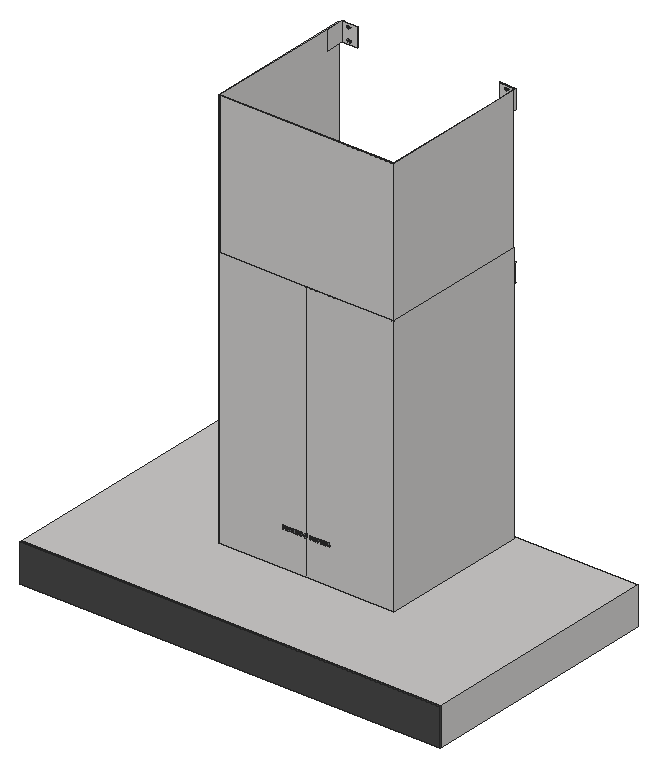
Revit family "FP-en-Revit19-HC90BCX2-Rangehood-0-90003186A-CN", category Specialty Equipment, Revit 2019
Family settings
  Round Connector Dimension = Use Diameter
  Part Type = Normal
  OmniClass Number = 23.40.40.00
  OmniClass Title = Food Service Equipment and Furnishings
  Work Plane-Based = No
  Always vertical = Yes
  Cut with Voids When Loaded = Yes
  Shared = No
  Room Calculation Point = No
Parameters
  Visibility - Upper Chimney Extension [instance] = yes
  URL = "www.fisherpaykel.com"
  Product - Width = 895 mm  # constant formula
  Product - Height (620mm - 935mm) [instance] = 935 mm
  Product - Depth = 531 mm  # constant formula
  Model = "HC90BCX2"
  Material - Glass = Fisher & Paykel - Black
  Material - Body = Fisher & Paykel - Stainless Steel
  Manufacturer = "Fisher & Paykel Appliances"
  FFL Offset [instance] = 1565 mm
  Description = "90cm Rangehood"
  Connector Description - Extraction = "180mm Semi Rigid Rangehood Ducting, 650Pa"
  Connector Description - Electrical = "220 V, 50 Hz,  222 W"
  Chassis - Width = 375 mm  # constant formula
  Chassis - Height = 635 mm  # constant formula
  Chassis - Depth = 327 mm  # constant formula
Reference planes
  plane 1 "Datum": y = 0
  plane 2: z = 0
  plane 3 "Center (Left/Right)": x = 0
  plane 4 "Product LHS": x = -447.5
  plane 5 "Product RHS": x = 447.5
  plane 6 "Cavity LHS": x = -187.5
  plane 7 "Cavity RHS": x = 187.5
  plane 8 "Chassis - Depth": y = -327
  plane 9 "FFL Offset": z = 1565
  plane 10 "Product - Height": z = 2500
  plane 11 "Product - Depth": y = -531
  plane 12 "Angle": through (4267.2, -188.091, 1674.974) normal (0, 0.9962, -0.0872)
  plane 13 "Angle": through (4267.2, -188.091, 907.974) normal (0, 0.9962, -0.0872)
  plane 14 "Chassis - Height": z = 2200
Forms (mm)
  Extrusion 1, solid, material "Fisher & Paykel - Stainless Steel" <- "Material - Body"
    sketch origin (0, 0, 0) x (1, 0, 0) y (0, 1, 0)
      loop
        line (-167.5, -8) -> (-187.5, -8) -> (-187.5, -327) -> (0, -327) -> (187.5, -327) -> (187.5, -8) -> (167.5, -8) -> (167.5, -9) -> (186.5, -9) -> (186.5, -326) -> (-186.5, -326) -> (-186.5, -9) -> (-167.5, -9) -> (-167.5, -8)
    from 1645 to 2200
  Extrusion 2, solid, material "Fisher & Paykel - Stainless Steel" <- "Material - Body", visible <- "Visibility - Upper Chimney Extension"
    sketch origin (0, 0, 0) x (1, 0, 0) y (0, 1, 0)
      loop
        line (-185.5, -9) -> (-186.5, -9) -> (-186.5, -326) -> (186.5, -326) -> (186.5, -9) -> (185.5, -9) -> (185.5, -325.044) -> (-185.5, -325.044) -> (-185.5, -9)
    from 2141 to 2500
  Extrusion 3, solid, material "Fisher & Paykel - Stainless Steel" <- "Material - Body"
    sketch origin (0, 0, 0) x (1, 0, 0) y (0, 1, 0)
      loop
        line (185.5, -9) -> (-185.5, -9) -> (-185.5, -325.044) -> (185.5, -325.044) -> (185.5, -9)
    from 1645 to 2118
  Extrusion 4, solid, material "Fisher & Paykel - Stainless Steel" <- "Material - Body", detail levels medium+fine
    sketch origin (0, 0, 0) x (1, 0, 0) y (0, 1, 0)
      loop
        circle (-76.5, -135.5) r 92
      loop
        circle (-76.5, -135.5) r 90.782
    from 2174 to 2200
  Extrusion 5, solid, material "Fisher & Paykel - Stainless Steel" <- "Material - Body", detail levels medium+fine
    sketch origin (0, 0, 0) x (1, 0, 0) y (0, 0, 1)
      loop
        line (-185.5, 2500) -> (-185.5, 2460) -> (-150.9, 2460) -> (-150.9, 2500) -> (-185.5, 2500)
      loop
        arc (-170.646, 2495.75) -> (-173.396, 2493) -> (-170.646, 2490.25) r 2.75
        line (-170.646, 2490.25) -> (-166.162, 2490.25)
        arc (-166.162, 2490.25) -> (-163.412, 2493) -> (-166.162, 2495.75) r 2.75
        line (-166.162, 2495.75) -> (-170.646, 2495.75)
      loop
        arc (-170.646, 2469.75) -> (-173.396, 2467) -> (-170.646, 2464.25) r 2.75
        line (-170.646, 2464.25) -> (-166.162, 2464.25)
        arc (-166.162, 2464.25) -> (-163.412, 2467) -> (-166.162, 2469.75) r 2.75
        line (-166.162, 2469.75) -> (-170.646, 2469.75)
      loop
        line (185.5, 2500) -> (150.9, 2500) -> (150.9, 2460) -> (185.5, 2460) -> (185.5, 2500)
      loop
        line (170.646, 2495.75) -> (166.162, 2495.75)
        arc (166.162, 2495.75) -> (163.412, 2493) -> (166.162, 2490.25) r 2.75
        line (166.162, 2490.25) -> (170.646, 2490.25)
        arc (170.646, 2490.25) -> (173.396, 2493) -> (170.646, 2495.75) r 2.75
      loop
        line (170.646, 2469.75) -> (166.162, 2469.75)
        arc (166.162, 2469.75) -> (163.412, 2467) -> (166.162, 2464.25) r 2.75
        line (166.162, 2464.25) -> (170.646, 2464.25)
        arc (170.646, 2464.25) -> (173.396, 2467) -> (170.646, 2469.75) r 2.75
    from 1 to 0
  Extrusion 6, solid, material "Fisher & Paykel - Stainless Steel" <- "Material - Body"
    sketch origin (0, 0, 0) x (1, 0, 0) y (0, 1, 0)
      loop
        circle (8.657, -222.264) r 3
    from 2174 to 2200
  Extrusion 7, void
    sketch origin (0, 0, 0) x (0, 1, 0) y (0, 0, 1)
      loop
        line (-348.926, 1618.465) -> (-467.5, 1573) -> (-20.5, 1573) -> (-38.279, 1591.287) -> (-348.926, 1618.465)
    from -413 to 413
  Extrusion 8, solid, material "Fisher & Paykel - Stainless Steel" <- "Material - Body"
    sketch origin (0, 0, 0) x (0, 1, 0) y (0, 0, 1)
      loop
        line (-3, 1565) -> (-3, 1645) -> (-527, 1645) -> (-527, 1565) -> (-3, 1565)
    from -447.5 to 447.5
  Extrusion 9, solid, material "Fisher & Paykel - Black" <- "Material - Glass", detail levels medium+fine
    sketch origin (0, 0, 567) x (0, 1, 0) y (0, 0, 1)
      loop
        line (-527, 1078) -> (-531, 1078) -> (-531, 998) -> (-527, 998) -> (-527, 1078)
    from -447.5 to 447.5
  Extrusion 10, solid, material "Fisher & Paykel - Stainless Steel" <- "Material - Body", detail levels fine
    sketch origin (0, 0, 567) x (0, 1, 0) y (0, 0, 1)
      loop
        line (-46.99, 1023.976) -> (-71.928, 1026.158) -> (-71.928, 1014.855) -> (-48.3, 975) -> (-5, 975) -> (-5, 996) -> (-21.8, 996) -> (-46.99, 1023.976)
    from -206 to 206
  Extrusion 11, void
    sketch origin (0, 0, 0) x (1, 0, 0) y (0, 1, 0)
      loop
        arc (-381.3, -20.5) -> (-402.513, -29.287) -> (-411.3, -50.5) r 30
        line (-411.3, -50.5) -> (-411.3, -437.5)
        arc (-411.3, -437.5) -> (-402.513, -458.713) -> (-381.3, -467.5) r 30
        line (-381.3, -467.5) -> (382.3, -467.5)
        arc (382.3, -467.5) -> (402.806, -459.006) -> (411.3, -438.5) r 29
        line (411.3, -438.5) -> (411.3, -50.5)
        arc (411.3, -50.5) -> (402.513, -29.287) -> (381.3, -20.5) r 30
        line (381.3, -20.5) -> (-381.3, -20.5)
    from 1565 to 1573
  Extrusion 12, void
    sketch origin (0, 0, 0) x (0, 1, 0) y (0, 0, 1)
      loop
        line (-316.067, 1615.59) -> (-67.749, 1593.865) -> (-188.091, 1672.974) -> (-316.067, 1615.59)
    from -172 to 172
  Extrusion 13, solid, material "Fisher & Paykel - Stainless Steel" <- "Material - Body", detail levels medium+fine
    sketch origin (0, 0, 2) x (1, 0, 0) y (0, 0, 1)
      loop
        circle (400, 1608.777) r 9.985
      loop
        circle (400, 1608.777) r 4.003
      loop
        circle (-400, 1608.777) r 9.985
      loop
        circle (-400, 1608.777) r 4.003
    from 0 to 3
  Extrusion 14, solid, material "Fisher & Paykel - Stainless Steel" <- "Material - Body", detail levels medium+fine
    sketch origin (0, 0, 0) x (1, 0, 0) y (0, 0, 1)
      loop
        circle (-112, 2150) r 5.949
      loop
        circle (-112, 2150) r 2.5
      loop
        circle (-162, 2150) r 5.949
      loop
        circle (-162, 2150) r 2.5
      loop
        circle (112, 2150) r 5.949
      loop
        circle (112, 2150) r 2.5
      loop
        circle (162, 2150) r 5.949
      loop
        circle (162, 2150) r 2.5
    from 0 to 3.8
  Extrusion 15, solid, material "Fisher & Paykel - Bezel White", detail levels fine
    sketch origin (0, 0, 567) x (0, 1, 0) y (0, 0, 1)
      loop
        line (-365.916, 1045.974) -> (-420.089, 1025.202) -> (-419.471, 1023.59) -> (-365.298, 1044.362) -> (-365.916, 1045.974)
    from -110 to 110
  Extrusion 16, solid, material "Fisher & Paykel - Stainless Steel" <- "Material - Body", detail levels fine
    sketch origin (0, -282.861, 591.747) x (0, 0.087156, 0.996195) y (1, 0, 0)
      loop
        line (1087.364, 172) -> (1017.053, 172) -> (1087.364, 113.002) -> (1087.364, 172)
      loop
        line (1087.364, -172) -> (1087.364, -113.002) -> (1017.053, -172) -> (1087.364, -172)
    from -125 to 125
  Extrusion 17, solid, material "Fisher & Paykel - Black" <- "Material - Glass", not visible, detail levels medium+fine
    sketch origin (0, 0, -200) x (0, 1, 0) y (0, 0, 1)
      loop
        line (-527, 1078) -> (-531, 1078) -> (-531, 998) -> (-527, 998) -> (-527, 1078)
    from -447.5 to 447.5
  Extrusion 18, solid, material "Fisher & Paykel - Stainless Steel" <- "Material - Body", not visible, detail levels fine
    sketch origin (0, 0, -200) x (0, 1, 0) y (0, 0, 1)
      loop
        line (-46.99, 1023.976) -> (-71.928, 1026.158) -> (-71.928, 1014.855) -> (-48.3, 975) -> (-5, 975) -> (-5, 996) -> (-21.8, 996) -> (-46.99, 1023.976)
    from -206 to 206
  Extrusion 19, solid, material "Fisher & Paykel - Stainless Steel" <- "Material - Body", not visible, detail levels medium+fine
    sketch origin (0, 0, -765) x (1, 0, 0) y (0, 0, 1)
      loop
        circle (400, 1608.777) r 9.985
      loop
        circle (400, 1608.777) r 4.003
      loop
        circle (-400, 1608.777) r 9.985
      loop
        circle (-400, 1608.777) r 4.003
    from 0 to 3
  Extrusion 20, solid, material "Fisher & Paykel - Bezel White", not visible, detail levels fine
    sketch origin (0, 0, -200) x (0, 1, 0) y (0, 0, 1)
      loop
        line (-365.916, 1045.974) -> (-420.089, 1025.202) -> (-419.471, 1023.59) -> (-365.298, 1044.362) -> (-365.916, 1045.974)
    from -110 to 110
  Extrusion 21, solid, material "Fisher & Paykel - Stainless Steel" <- "Material - Body", not visible, detail levels fine
    sketch origin (0, -282.861, -175.253) x (0, 0.087156, 0.996195) y (1, 0, 0)
      loop
        line (1087.364, 172) -> (1017.053, 172) -> (1087.364, 113.002) -> (1087.364, 172)
      loop
        line (1087.364, -172) -> (1087.364, -113.002) -> (1017.053, -172) -> (1087.364, -172)
    from -125 to 125
  Extrusion 22, solid, material "Fisher & Paykel - Stainless Steel" <- "Material - Body", detail levels fine
    sketch origin (0, 0, 0) x (1, 0, 0) y (0, 1, 0)
      loop
        line (174, -29) -> (26, -29) -> (26, -302) -> (174, -302) -> (174, -29)
    from 2118 to 2180
  Extrusion 23, solid, material "Fisher & Paykel - Stainless Steel" <- "Material - Body", detail levels fine
    sketch origin (0, 0, 0) x (1, 0, 0) y (0, 1, 0)
      loop
        line (-170.5, -32) -> (-170.5, -239) -> (17.5, -239) -> (17.5, -32) -> (-170.5, -32)
    from 2118 to 2174
  Extrusion 24, solid, material "Fisher & Paykel - Stainless Steel" <- "Material - Body", detail levels medium+fine
    sketch origin (0, 0, 0) x (1, 0, 0) y (0, 1, 0)
      loop
        line (-185.5, -40) -> (-184.5, -40) -> (-184.5, -1) -> (-185.5, -1) -> (-185.5, -40)
      loop
        line (185.5, -40) -> (185.5, -1) -> (184.5, -1) -> (184.5, -40) -> (185.5, -40)
    from 2460 to 2500
  Extrusion 25, solid, material "Fisher & Paykel - Stainless Steel" <- "Material - Body", detail levels medium+fine
    sketch origin (0, 0, 0) x (0, 1, 0) y (0, 0, 1)
      loop
        line (-0.869, 2168.577) -> (-1.908, 2169.177) -> (-5, 2163.5) -> (-5, 2134.5) -> (-1.899, 2128.806) -> (-0.859, 2129.406) -> (-3.8, 2134.5) -> (-3.8, 2163.5) -> (-0.869, 2168.577)
    from -185 to 185
Cuts and joins
  Extrusion 7 cuts Extrusion 1
  Extrusion 7, Extrusion 12 cuts Extrusion 3
  Extrusion 7, Extrusion 11, Extrusion 12 cuts Extrusion 8
  joined: Extrusion 3, Extrusion 8
  joined: Extrusion 5, Extrusion 24
Text (mm)
  text "Due to ongoing product development, product details are subject to change without notice. \nPlease always refer to www.fisherpaykel.com for the most current product information. \n© Fisher & Paykel 2020" at (41.04, -1225.549, 0), in view "Ref. Level (Plan)"
Dimensions and locks
  equal spacing: plane 4 "Product LHS", plane 3 "Center (Left/Right)", plane 5 "Product RHS"
  equal spacing: plane 6 "Cavity LHS", plane 3 "Center (Left/Right)", plane 7 "Cavity RHS"
  locked: Extrusion 1 sketch curve to Extrusion 1 sketch curve at 1  (x3)
  locked: Extrusion 3 to plane 9 "FFL Offset" at 553
  "Product - Height (620mm - 935mm)": plane 10 "Product - Height" to plane 9 "FFL Offset"
  "FFL Offset": plane 9 "FFL Offset" to level
  "Product - Width": plane 4 "Product LHS" to plane 5 "Product RHS"
  "Chassis - Depth": plane 8 "Chassis - Depth" to plane 1 "Datum"
  "Chassis - Width": plane 6 "Cavity LHS" to plane 7 "Cavity RHS"
  equal spacing: Extrusion 11 sketch curve, plane 3 "Center (Left/Right)", Extrusion 11 sketch curve
  locked: Extrusion 11 sketch curve to Extrusion 11 sketch curve at 822.6
  equal spacing: cut or joined group of Extrusion 3, Extrusion 7, Extrusion 8, Extrusion 11, Extrusion 12, plane 3 "Center (Left/Right)", cut or joined group of Extrusion 3, Extrusion 7, Extrusion 8, Extrusion 11, Extrusion 12
  locked: cut or joined group of Extrusion 3, Extrusion 7, Extrusion 8, Extrusion 11, Extrusion 12 to cut or joined group of Extrusion 3, Extrusion 7, Extrusion 8, Extrusion 11, Extrusion 12 at 826
  "Product - Depth": plane 11 "Product - Depth" to plane 1 "Datum"
  locked: Extrusion 2 to plane 10 "Product - Height" at 359
  locked: cut or joined group of Extrusion 3, Extrusion 7, Extrusion 8, Extrusion 11, Extrusion 12 to plane 1 "Datum" at 3
  locked: Extrusion 5 to plane 10 "Product - Height" at 40
  plane 9 "FFL Offset" to Extrusion 13 = 45.777 mm
  locked: Extrusion 7 sketch curve to plane 1 "Datum" at 20.5
  locked: Extrusion 7 sketch curve to plane 1 "Datum" at 38.279
  locked: Extrusion 7 sketch curve to plane 1 "Datum" at 348.926
  locked: Extrusion 7 sketch curve to plane 1 "Datum" at 467.5
  locked: Extrusion 7 sketch curve to plane 9 "FFL Offset" at 8  (x2)
  locked: Extrusion 7 sketch curve to plane 9 "FFL Offset" at 53.465
  locked: Extrusion 7 sketch curve to plane 9 "FFL Offset" at 26.287
  locked: Extrusion 12 sketch curve to plane 9 "FFL Offset" at 50.59
  locked: Extrusion 12 sketch curve to plane 9 "FFL Offset" at 28.865
  locked: Extrusion 12 sketch curve to plane 9 "FFL Offset" at 107.974
  locked: Extrusion 12 sketch curve to plane 1 "Datum" at 67.749
  locked: Extrusion 12 sketch curve to plane 1 "Datum" at 316.067
  locked: cut or joined group of Extrusion 3, Extrusion 7, Extrusion 8, Extrusion 11, Extrusion 12 to plane 9 "FFL Offset" at 80
  equal spacing: Extrusion 16, plane 12 "Angle", Extrusion 16
  locked: Extrusion 16 to Extrusion 16 at 250
  Extrusion 16 to cut or joined group of Extrusion 3, Extrusion 7, Extrusion 8, Extrusion 11, Extrusion 12 = 70.311 mm
  Extrusion 16 to plane 9 "FFL Offset" = 120.868 mm
  Extrusion 16 to plane 9 "FFL Offset" = 99.079 mm
  locked: nested 1 to plane 9 "FFL Offset" at 156.109
  plane 9 "FFL Offset" to Extrusion 10 = 23 mm
  "Chassis - Height": plane 14 "Chassis - Height" to plane 9 "FFL Offset"
  locked: plane 14 "Chassis - Height" to Extrusion 22 at 20
  locked: plane 14 "Chassis - Height" to Extrusion 23 at 26
  aligned and locked: level to plane 2
  aligned and locked: Extrusion 1 sketch curve to plane 6 "Cavity LHS"
  aligned and locked: plane 7 "Cavity RHS" to Extrusion 1 sketch curve
  aligned and locked: plane 8 "Chassis - Depth" to Extrusion 1 sketch curve
  aligned and locked: plane 4 "Product LHS" to Extrusion 8
  aligned and locked: Extrusion 8 to plane 5 "Product RHS"
  aligned and locked: plane 4 "Product LHS" to Extrusion 9
  aligned and locked: Extrusion 9 to plane 5 "Product RHS"
  aligned and locked: Extrusion 2 to plane 10 "Product - Height"
  aligned and locked: Extrusion 6 to Extrusion 4
  aligned and locked: Extrusion 11 to plane 9 "FFL Offset"
  aligned and locked: Extrusion 5 to plane 1 "Datum"
  aligned and locked: cut or joined group of Extrusion 1, Extrusion 7 to cut or joined group of Extrusion 1, Extrusion 7
  aligned and locked: Extrusion 13 to plane 1 "Datum"
  aligned and locked: Extrusion 13 to cut or joined group of Extrusion 3, Extrusion 7, Extrusion 8, Extrusion 11, Extrusion 12
  aligned and locked: Extrusion 14 to plane 1 "Datum"
  aligned and locked: Extrusion 5 to plane 10 "Product - Height"
  aligned and locked: cut or joined group of Extrusion 3, Extrusion 7, Extrusion 8, Extrusion 11, Extrusion 12 to Extrusion 2  (x3)
  aligned and locked: cut or joined group of Extrusion 3, Extrusion 7, Extrusion 8, Extrusion 11, Extrusion 12 to cut or joined group of Extrusion 1, Extrusion 7
  aligned and locked: cut or joined group of Extrusion 1, Extrusion 7 to Extrusion 4
  aligned and locked: Extrusion 7 to cut or joined group of Extrusion 3, Extrusion 7, Extrusion 8, Extrusion 11, Extrusion 12
  aligned and locked: Extrusion 11 to Extrusion 7
  aligned and locked: Extrusion 8 to Extrusion 11
  aligned and locked: cut or joined group of Extrusion 1, Extrusion 7 to Extrusion 9
  aligned and locked: plane 14 "Chassis - Height" to cut or joined group of Extrusion 1, Extrusion 7
  aligned and locked: Extrusion 9 to plane 9 "FFL Offset"
  aligned and locked: cut or joined group of Extrusion 3, Extrusion 7, Extrusion 8, Extrusion 11, Extrusion 12 to Extrusion 9
  aligned and locked: Extrusion 16 to cut or joined group of Extrusion 3, Extrusion 7, Extrusion 8, Extrusion 11, Extrusion 12
  aligned and locked: cut or joined group of Extrusion 3, Extrusion 7, Extrusion 8, Extrusion 11, Extrusion 12 to cut or joined group of Extrusion 3, Extrusion 7, Extrusion 8, Extrusion 11, Extrusion 12
  aligned and locked: Extrusion 23 to cut or joined group of Extrusion 3, Extrusion 7, Extrusion 8, Extrusion 11, Extrusion 12
  aligned and locked: Extrusion 4 to Extrusion 23
  aligned and locked: Extrusion 6 to Extrusion 23
  aligned and locked: Extrusion 22 to cut or joined group of Extrusion 3, Extrusion 7, Extrusion 8, Extrusion 11, Extrusion 12
  aligned and locked: Extrusion 24 to Extrusion 5
  aligned and locked: Extrusion 24 to plane 10 "Product - Height"
Automatic sketch dimensions
  Extrusion 2 sketch curve to plane 6 "Cavity LHS" = 1 mm
  Extrusion 2 sketch curve to Extrusion 2 sketch curve = 1 mm
  plane 7 "Cavity RHS" to Extrusion 2 sketch curve = 2 mm
  plane 7 "Cavity RHS" to Extrusion 2 sketch curve = 1 mm
  plane 8 "Chassis - Depth" to Extrusion 2 sketch curve = 1 mm
  Extrusion 2 sketch curve to Extrusion 2 sketch curve = 0.956 mm
  plane 1 "Datum" to Extrusion 2 sketch curve = 9 mm  (x2)
  Extrusion 3 sketch curve to plane 6 "Cavity LHS" = 2 mm
  plane 7 "Cavity RHS" to Extrusion 3 sketch curve = 2 mm
  plane 8 "Chassis - Depth" to Extrusion 3 sketch curve = 1.956 mm
  plane 1 "Datum" to Extrusion 3 sketch curve = 9 mm
  plane 3 "Center (Left/Right)" to Extrusion 6 sketch curve = 8.657 mm
  plane 8 "Chassis - Depth" to Extrusion 6 sketch curve = 104.736 mm
  Extrusion 11 sketch curve to Extrusion 11 sketch curve = 30 mm  (x3)
  plane 5 "Product RHS" to Extrusion 11 sketch curve = 65.2 mm
  plane 11 "Product - Depth" to Extrusion 11 sketch curve = 63.5 mm
  plane 1 "Datum" to Extrusion 11 sketch curve = 50.5 mm
  Extrusion 1 sketch curve to plane 3 "Center (Left/Right)" = 0 mm
  Extrusion 1 sketch curve to Extrusion 1 sketch curve = 19 mm  (x2)
  plane 1 "Datum" to Extrusion 1 sketch curve = 8 mm
  plane 1 "Datum" to Extrusion 1 sketch curve = 9 mm
  Extrusion 1 sketch curve to Extrusion 1 sketch curve = 1 mm  (x2)
  plane 9 "FFL Offset" to Extrusion 8 sketch curve = 0 mm
  plane 1 "Datum" to Extrusion 8 sketch curve = 3 mm
  plane 11 "Product - Depth" to Extrusion 8 sketch curve = 4 mm
  Extrusion 8 sketch curve to Extrusion 8 sketch curve = 80 mm
  Extrusion 9 sketch curve to Extrusion 9 sketch curve = 4 mm
  Extrusion 9 sketch curve to Extrusion 9 sketch curve = 80 mm
  Extrusion 13 sketch curve to Extrusion 13 sketch curve = 0 mm  (x9)
  Extrusion 13 sketch curve to Extrusion 13 sketch curve = 800 mm
  Extrusion 12 sketch curve to Extrusion 12 sketch curve = 120.342 mm
  Extrusion 15 sketch curve to Extrusion 15 sketch curve = 0.618 mm
  Extrusion 9 sketch curve to plane 12 "Angle" = 338.991 mm
  Extrusion 15 sketch curve to plane 12 "Angle" = 223.901 mm
  Extrusion 15 sketch curve to Extrusion 15 sketch curve = 54.173 mm
  Extrusion 15 sketch curve to Extrusion 15 sketch curve = 1.612 mm
  Extrusion 17 sketch curve to Extrusion 17 sketch curve = 4 mm
  Extrusion 17 sketch curve to Extrusion 17 sketch curve = 80 mm
  Extrusion 19 sketch curve to Extrusion 19 sketch curve = 0 mm  (x9)
  Extrusion 19 sketch curve to Extrusion 19 sketch curve = 800 mm
  Extrusion 17 sketch curve to plane 13 "Angle" = 338.991 mm
  plane 12 "Angle" to Extrusion 10 sketch curve = 122.853 mm
  Extrusion 10 sketch curve to Extrusion 10 sketch curve = 23.628 mm
  Extrusion 10 sketch curve to Extrusion 10 sketch curve = 24.938 mm
  Extrusion 10 sketch curve to Extrusion 10 sketch curve = 26.5 mm
  Extrusion 10 sketch curve to Extrusion 10 sketch curve = 16.8 mm
  Extrusion 10 sketch curve to Extrusion 10 sketch curve = 2.182 mm
  Extrusion 10 sketch curve to Extrusion 10 sketch curve = 11.303 mm
  Extrusion 10 sketch curve to Extrusion 10 sketch curve = 27.976 mm
  Extrusion 10 sketch curve to Extrusion 10 sketch curve = 21 mm
  plane 13 "Angle" to Extrusion 18 sketch curve = 122.853 mm
  Extrusion 18 sketch curve to Extrusion 18 sketch curve = 23.628 mm
  Extrusion 18 sketch curve to Extrusion 18 sketch curve = 24.938 mm
  Extrusion 18 sketch curve to Extrusion 18 sketch curve = 26.5 mm
  Extrusion 18 sketch curve to Extrusion 18 sketch curve = 16.8 mm
  Extrusion 18 sketch curve to Extrusion 18 sketch curve = 2.182 mm
  Extrusion 18 sketch curve to Extrusion 18 sketch curve = 11.303 mm
  Extrusion 18 sketch curve to Extrusion 18 sketch curve = 27.976 mm
  Extrusion 18 sketch curve to Extrusion 18 sketch curve = 21 mm
  Extrusion 16 sketch curve to Extrusion 16 sketch curve = 0 mm
  Extrusion 16 sketch curve to Extrusion 16 sketch curve = 70.311 mm  (x2)
  Extrusion 16 sketch curve to Extrusion 16 sketch curve = 58.998 mm  (x2)
  Extrusion 16 sketch curve to Extrusion 16 sketch curve = 226.004 mm
  plane 3 "Center (Left/Right)" to Extrusion 22 sketch curve = 26 mm
  plane 7 "Cavity RHS" to Extrusion 22 sketch curve = 13.5 mm
  plane 8 "Chassis - Depth" to Extrusion 22 sketch curve = 25 mm
  plane 1 "Datum" to Extrusion 22 sketch curve = 29 mm
  Extrusion 23 sketch curve to plane 6 "Cavity LHS" = 17 mm
  plane 3 "Center (Left/Right)" to Extrusion 23 sketch curve = 17.5 mm
  plane 8 "Chassis - Depth" to Extrusion 23 sketch curve = 88 mm
  plane 1 "Datum" to Extrusion 23 sketch curve = 32 mm
  Extrusion 4 sketch curve to Extrusion 4 sketch curve = 0 mm  (x2)
  Extrusion 4 sketch curve to plane 3 "Center (Left/Right)" = 76.5 mm
  plane 1 "Datum" to Extrusion 4 sketch curve = 135.5 mm
  Extrusion 5 sketch curve to plane 10 "Product - Height" = 0 mm  (x2)
  Extrusion 5 sketch curve to plane 6 "Cavity LHS" = 2 mm
  Extrusion 5 sketch curve to Extrusion 5 sketch curve = 14.854 mm  (x2)
  Extrusion 5 sketch curve to Extrusion 5 sketch curve = 4.485 mm  (x4)
  Extrusion 5 sketch curve to Extrusion 5 sketch curve = 15.262 mm  (x3)
  plane 7 "Cavity RHS" to Extrusion 5 sketch curve = 36.6 mm
  plane 7 "Cavity RHS" to Extrusion 5 sketch curve = 2 mm
  plane 10 "Product - Height" to Extrusion 5 sketch curve = 4.25 mm  (x2)
  Extrusion 5 sketch curve to Extrusion 5 sketch curve = 2.75 mm  (x4)
  Extrusion 5 sketch curve to Extrusion 5 sketch curve = 20.5 mm  (x2)
  Extrusion 5 sketch curve to Extrusion 5 sketch curve = 4.25 mm  (x2)
  Extrusion 24 sketch curve to plane 6 "Cavity LHS" = 2 mm
  Extrusion 24 sketch curve to Extrusion 24 sketch curve = 1 mm  (x2)
  plane 1 "Datum" to Extrusion 24 sketch curve = 1 mm  (x2)
  plane 7 "Cavity RHS" to Extrusion 24 sketch curve = 3 mm
  Extrusion 24 sketch curve to Extrusion 24 sketch curve = 39 mm  (x2)
  plane 1 "Datum" to Extrusion 25 sketch curve = 5 mm
  Extrusion 25 sketch curve to Extrusion 25 sketch curve = 1.2 mm
  plane 1 "Datum" to Extrusion 25 sketch curve = 1.899 mm
  plane 1 "Datum" to Extrusion 25 sketch curve = 0.859 mm
  Extrusion 25 sketch curve to plane 14 "Chassis - Height" = 71.194 mm
  Extrusion 25 sketch curve to Extrusion 25 sketch curve = 0.6 mm  (x2)
  Extrusion 25 sketch curve to Extrusion 25 sketch curve = 0 mm  (x2)
  Extrusion 25 sketch curve to Extrusion 25 sketch curve = 29 mm
  plane 1 "Datum" to Extrusion 25 sketch curve = 1.908 mm
  plane 1 "Datum" to Extrusion 25 sketch curve = 0.869 mm
  Extrusion 14 sketch curve to Extrusion 14 sketch curve = 0 mm  (x8)
  Extrusion 14 sketch curve to plane 6 "Cavity LHS" = 25.5 mm
  Extrusion 14 sketch curve to Extrusion 14 sketch curve = 50 mm
  plane 7 "Cavity RHS" to Extrusion 14 sketch curve = 75.5 mm
  plane 7 "Cavity RHS" to Extrusion 14 sketch curve = 25.5 mm
  Extrusion 14 sketch curve to plane 14 "Chassis - Height" = 50 mm  (x4)
  radius of Extrusion 6 sketch curve = 3 mm
  radius of Extrusion 13 sketch curve = 9.985 mm  (x2)
  radius of Extrusion 13 sketch curve = 4.003 mm  (x2)
  radius of Extrusion 19 sketch curve = 9.985 mm  (x2)
  radius of Extrusion 19 sketch curve = 4.003 mm  (x2)
  radius of Extrusion 4 sketch curve = 92 mm
  radius of Extrusion 4 sketch curve = 90.782 mm
  radius of Extrusion 14 sketch curve = 5.949 mm  (x4)
  radius of Extrusion 14 sketch curve = 2.5 mm  (x4)
Nested families
  nested 1: "F&P Logo 100mm" at (0.236, -327, 1721.109), type "Grey"
Connectors
  hvac at (-76.5, -135.5, 2200), driven by "Connector Description - Extraction"
    settings: on Extrusion 4, index 1, duct flow 0.0 L/s, flow factor 0, pres drop 0.0 Pa, loss coef 0, conn angle 0.00°, conn width 304.8 mm, conn height 304.8 mm, conn diameter 180 mm, duct sys type 3, conn prof type 0, flow config 0, flow direction 2, loss method 0, conn ref index -1, conn util no, is conn primary yes, conn desc "180mm Semi Rigid Rangehood Ducting, 650Pa"
  electrical at (8.657, -222.264, 2200), driven by "Connector Description - Electrical"
    settings: on Extrusion 6, index 2, voltage 220 V, apparent load 0 VA, apparent load phase1 0 VA, apparent load phase2 0 VA, apparent load phase3 0 VA, power factor 1, load classification "Other", number of poles 1, system type 30, power factor state 1, is connector primary yes, connector utility no, sub classification motor no, connector description "220 V, 50 Hz,  222 W"
Definition of nested family "F&P Logo 100mm"
  Parameters (values of type "Chrome")
    URL = "www.fisherpaykel.com"
    Material - Logo = none
    Manufacturer = "Fisher & Paykel Appliances"
  Types (3): name
    (no name)
    Chrome
    Grey
  Reference planes
    plane 1 "Center (Front/Back)": y = 0
    plane 2: z = 0
    plane 3 "Center (Left/Right)": x = 0
  Forms (mm)
    Extrusion 1, solid, material <- "Material - Logo", detail levels fine
      sketch origin (0, 0, 0) x (1, 0, 0) y (0, 0, 1)
        loop
          line (-50.044, 0) -> (-48.47, 0) -> (-48.47, 2.138) -> (-46.011, 2.138) -> (-46.011, 3.472) -> (-48.47, 3.472) -> (-48.47, 4.712) -> (-45.795, 4.712) -> (-45.795, 6.04) -> (-50.044, 6.04) -> (-50.044, 0)
        loop
          line (-42.804, 6.04) -> (-42.804, 0) -> (-41.23, 0) -> (-41.23, 6.04) -> (-42.804, 6.04)
        loop
          line (-30.724, 6.04) -> (-30.724, 0) -> (-29.151, 0) -> (-29.151, 2.42) -> (-26.839, 2.42) -> (-26.839, 0) -> (-25.265, 0) -> (-25.265, 6.04) -> (-26.839, 6.04) -> (-26.839, 3.748) -> (-29.151, 3.748) -> (-29.151, 6.04) -> (-30.724, 6.04)
        loop
          line (-21.906, 6.04) -> (-21.906, 0) -> (-17.602, 0) -> (-17.602, 1.328) -> (-20.347, 1.328) -> (-20.347, 2.42) -> (-17.838, 2.42) -> (-17.838, 3.748) -> (-20.347, 3.748) -> (-20.347, 4.712) -> (-17.602, 4.712) -> (-17.602, 6.04) -> (-21.906, 6.04)
        loop
          line (45.667, 6.04) -> (45.667, 0) -> (49.956, 0) -> (49.956, 1.328) -> (47.241, 1.328) -> (47.241, 6.04) -> (45.667, 6.04)
        loop
          line (42.431, 6.04) -> (38.112, 6.04) -> (38.112, 0) -> (42.431, 0) -> (42.431, 1.328) -> (39.687, 1.328) -> (39.687, 2.42) -> (42.195, 2.42) -> (42.195, 3.748) -> (39.687, 3.748) -> (39.687, 4.712) -> (42.431, 4.712) -> (42.431, 6.04)
        loop
          line (33.451, 3.148) -> (35.683, 6.04) -> (33.844, 6.04) -> (31.915, 3.542) -> (31.915, 6.04) -> (30.342, 6.04) -> (30.342, 0) -> (31.915, 0) -> (31.915, 2.705) -> (33.903, 0) -> (35.763, 0) -> (33.451, 3.148)
        loop
          line (21.98, 6.04) -> (24.262, 2.42) -> (24.262, 0) -> (25.837, 0) -> (25.837, 2.341) -> (28.119, 6.04) -> (26.446, 6.04) -> (25.099, 3.707) -> (23.753, 6.04) -> (21.98, 6.04)
        loop
          line (18.479, 6.04) -> (16.983, 6.04) -> (14.524, 0) -> (16.069, 0) -> (16.501, 1.112) -> (18.921, 1.112) -> (19.354, 0) -> (20.938, 0) -> (18.479, 6.04)
        loop
          line (18.4, 2.439) -> (17.693, 4.174) -> (17.018, 2.439) -> (18.4, 2.439)
        loop
          line (8.031, 6.04) -> (8.031, 0) -> (9.605, 0) -> (9.605, 1.938) -> (10.599, 1.938)
          arc (10.599, 1.938) -> (12.65, 3.989) -> (10.599, 6.04) r 2.051
          line (10.599, 6.04) -> (8.031, 6.04)
        loop
          line (9.605, 4.712) -> (9.605, 3.197) -> (10.501, 3.197)
          arc (10.501, 3.197) -> (11.259, 3.954) -> (10.501, 4.712) r 0.757
          line (10.501, 4.712) -> (9.605, 4.712)
        loop
          line (-11.783, 6.04) -> (-14.366, 6.04) -> (-14.366, 0) -> (-12.792, 0) -> (-12.792, 1.336) -> (-11.992, 1.336) -> (-10.972, 0) -> (-9.153, 0) -> (-10.694, 1.973)
          arc (-10.694, 1.973) -> (-9.678, 4.424) -> (-11.783, 6.04) r 2.179
        loop
          line (-11.897, 4.712) -> (-12.792, 4.712) -> (-12.792, 3.053) -> (-11.897, 3.053)
          arc (-11.897, 3.053) -> (-11.068, 3.882) -> (-11.897, 4.712) r 0.83
        loop
          line (0.477, 4.712) -> (0.477, 6.153) -> (-3.575, 6.153) -> (-3.575, 4.851) -> (-2.974, 4.112)
          arc (-2.974, 4.112) -> (-3.51, 0.684) -> (-0.045, 0.512) r 2.334
          line (-0.045, 0.512) -> (0.46, -0.109) -> (2.246, -0.109) -> (0.86, 1.594) -> (2.061, 3.324) -> (0.443, 3.324) -> (-0.013, 2.667) -> (-1.677, 4.712) -> (0.477, 4.712)
        loop
          arc (-2.125, 3.068) -> (-2.269, 1.668) -> (-0.868, 1.524) r 0.996
          line (-0.868, 1.524) -> (-2.125, 3.068)
        loop
          line (-35.18, 3.634) -> (-36.516, 3.91)
          arc (-36.516, 3.91) -> (-37.049, 4.443) -> (-36.516, 4.976) r 0.533
          arc (-36.516, 4.976) -> (-35.235, 4.79) -> (-34.059, 4.248) r 4.505
          line (-34.059, 4.248) -> (-34.059, 5.743)
          arc (-34.059, 5.743) -> (-35.549, 6.179) -> (-37.1, 6.109) r 4.726
          arc (-37.1, 6.109) -> (-38.536, 4.335) -> (-37.1, 2.561) r 1.814
          line (-37.1, 2.561) -> (-35.754, 2.282)
          arc (-35.754, 2.282) -> (-35.221, 1.749) -> (-35.754, 1.216) r 0.533
          arc (-35.754, 1.216) -> (-37.035, 1.402) -> (-38.211, 1.945) r 4.505
          line (-38.211, 1.945) -> (-38.211, 0.449)
          arc (-38.211, 0.449) -> (-36.72, 0.013) -> (-35.169, 0.083) r 4.726
          arc (-35.169, 0.083) -> (-33.734, 1.863) -> (-35.18, 3.634) r 1.814
      from 0 to 0.8
  Dimensions and locks
    aligned and locked: level to plane 2
